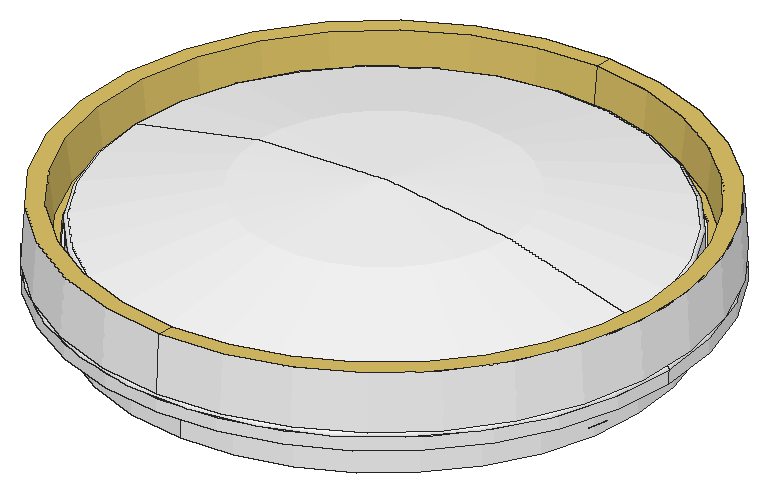
Revit family "AFX-Rana-LED_ Flush_Mount-1", category Lighting Fixtures, host Face, Revit 2021
Family settings
  Host = Face
  Round Connector Dimension = Use Diameter
  Part Type = Normal
  Cut with Voids When Loaded = No
  Light Source = Yes
  Shared = No
  Room Calculation Point = No
Parameters (values of type "Type Catalog")
  Wattage Comments = "15W"
  Wattage = 9.2903 W
  built-in parameter 1150110 = 1 (stored number, unit not read)
  Voltage = 120 V
  URL = "https://www.afxinc.com/"
  Type Comments = "Rana"  # constant formula
  built-in parameter 1114217 = 1 (stored number, unit not read)
  Tilt Angle = 90.00°
  built-in parameter 1150109 = 1 (stored number, unit not read)
  built-in parameter 1150134 = 3
  Sustainability = "https://lamprecycle.org/en/"
  built-in parameter 1150113 = 1 (stored number, unit not read)
  Revit File Built By = "https://servex-us.com/servex-revit/"
  Product Documentation Link = "Type Catalog"
  Photometric Web File = "RNAF16LAJD1BK_2700K.IES"
  built-in parameter 1150142 = "IESNA:LM-63-1995\r\n[TEST] \r\n[TESTLAB] LCTECH\r\n[TESTDATE] 2024-03-26\r\n[ISSUEDATE] 2024-03-26 17:31:21\r\n[NEARFIELD] \r\n[LAMPPOSITION] 0,0\r\n[OTHER] EVERFINE GO-2000B_V1 SYSTEM\r\n[MANUFAC] 革星\r\n[LUMCAT] 支架灯\r\n[LUMINAIRE] LED灯??\r\nTILT=NONE\r\n1 1108 1 37 13 1 2 -0.200 -0.200 0.000\r\n1.000 1 26\r\n0.0    5.0    10.0   15.0   20.0   25.0   30.0   35.0   40.0   45.0   \r\n 50.0   55.0   60.0   65.0   70.0   75.0   80.0   85.0   90.0   95.0   \r\n 100.0  105.0  110.0  115.0  120.0  125.0  130.0  135.0  140.0  145.0  \r\n 150.0  155.0  160.0  165.0  170.0  175.0  180.0  \r\n0.0    30.0   60.0   90.0   120.0  150.0  180.0  210.0  240.0  270.0  \r\n 300.0  330.0  360.0  \r\n332.89   332.50   330.65   326.79   319.92   308.81   294.79   278.66   260.34   239.92   \r\n 215.82   191.79   165.95   139.14   111.75   84.24    58.03    35.07    19.29    15.72    \r\n 16.30    16.54    16.36    16.82    17.33    17.80    18.31    18.79    19.08    19.21    \r\n 19.25    19.44    19.52    19.47    20.64    21.71    22.21    \r\n332.92   332.20   330.15   325.91   318.45   306.84   292.45   276.23   257.17   236.07   \r\n 213.01   188.35   162.14   135.05   106.59   79.28    53.52    31.55    17.05    15.18    \r\n 15.07    14.88    15.29    15.82    16.49    17.16    17.79    18.36    18.80    18.92    \r\n 18.92    18.84    18.60    18.20    20.16    21.40    22.21    \r\n332.71   331.77   329.71   324.94   316.53   304.52   289.81   272.61   253.00   230.03   \r\n 206.57   181.54   154.98   127.71   100.06   72.92    47.60    26.81    14.83    14.74    \r\n 14.75    14.49    14.74    15.23    15.84    16.54    17.22    17.61    17.85    17.96    \r\n 17.99    17.94    17.73    17.47    19.42    20.45    22.21    \r\n333.44   332.54   329.96   325.15   316.44   303.91   288.64   271.18   251.23   227.35   \r\n 203.59   178.00   151.05   123.52   95.68    68.41    43.06    23.15    14.03    14.36    \r\n 14.74    14.86    14.98    15.49    15.96    16.53    17.17    17.79    18.29    18.60    \r\n 18.86    19.14    19.34    19.45    21.48    22.60    22.21    \r\n332.84   331.82   329.03   323.29   313.18   300.02   284.16   265.64   245.11   222.33   \r\n 197.77   171.53   144.21   115.27   87.37    60.45    36.16    18.55    13.60    13.86    \r\n 13.36    13.51    14.08    14.75    15.49    16.24    16.90    17.51    17.95    18.16    \r\n 18.25    18.21    18.06    17.96    20.18    21.30    22.21    \r\n332.84   331.72   328.72   322.92   312.45   298.76   282.81   264.27   243.42   218.85   \r\n 194.36   167.98   140.52   112.74   84.69    57.99    33.96    17.32    13.58    13.79    \r\n 13.49    13.77    14.35    15.08    15.88    16.66    17.38    17.98    18.35    18.49    \r\n 18.45    18.26    17.91    17.65    20.49    21.51    22.21    \r\n332.89   331.56   328.52   322.43   311.81   298.09   282.02   263.28   242.32   219.29   \r\n 194.39   168.01   140.35   111.31   83.28    56.44    32.93    17.11    14.17    14.65    \r\n 15.13    15.32    15.63    16.26    16.85    17.43    17.88    18.31    18.49    18.54    \r\n 18.67    18.80    18.84    18.61    20.43    21.63    22.21    \r\n332.92   331.72   328.98   323.39   313.35   300.26   284.78   266.46   246.08   221.97   \r\n 197.97   172.10   144.94   117.03   88.94    61.87    37.46    20.09    14.94    15.31    \r\n 15.02    15.14    15.70    16.41    17.16    17.90    18.55    18.90    19.08    19.08    \r\n 18.95    18.81    18.47    18.10    19.74    20.57    22.21    \r\n332.71   331.65   329.29   324.11   314.94   302.50   287.59   270.14   250.42   228.42   \r\n 204.63   179.12   152.35   124.66   95.89    68.48    43.28    24.02    15.80    15.98    \r\n 15.54    15.72    16.22    16.85    17.57    18.24    18.85    19.42    19.78    19.85    \r\n 19.78    19.54    19.18    18.74    20.35    21.39    22.21    \r\n333.44   332.42   330.10   325.35   316.79   304.44   289.53   272.72   253.18   231.69   \r\n 208.33   183.29   156.91   129.52   100.84   73.46    47.89    27.53    16.87    17.27    \r\n 17.75    17.80    17.55    18.10    18.55    18.97    19.46    19.93    20.42    20.75    \r\n 20.88    21.02    21.15    21.11    21.95    22.85    22.21    \r\n332.84   332.28   330.14   326.14   318.29   306.92   292.90   276.47   257.80   236.24   \r\n 212.80   188.51   162.64   135.77   108.29   80.77    54.66    32.60    18.90    17.22    \r\n 17.25    16.90    17.11    17.54    18.09    18.67    19.27    19.87    20.47    20.84    \r\n 20.99    20.99    20.78    20.41    21.45    22.34    22.21    \r\n332.84   332.21   330.23   326.42   319.23   307.87   293.90   277.86   259.39   238.89   \r\n 216.35   192.03   166.22   139.43   111.05   83.66    57.32    34.56    19.52    16.67    \r\n 16.88    16.50    16.60    17.00    17.54    18.13    18.78    19.38    19.78    20.04    \r\n 20.11    20.03    19.86    19.52    20.67    21.19    22.21    \r\n332.89   332.50   330.65   326.79   319.92   308.81   294.79   278.66   260.34   239.92   \r\n 215.82   191.79   165.95   139.14   111.75   84.24    58.03    35.07    19.29    15.72    \r\n 16.30    16.54    16.36    16.82    17.33    17.80    18.31    18.79    19.08    19.21    \r\n 19.25    19.44    19.52    19.47    20.64    21.71    22.21    \r\n"
  Model = "Type Catalog"
  Manufacturer = "AFX Inc"  # constant formula
  built-in parameter 1150105 = 109.82 (stored number, unit not read)
  Lumens = 1380 lm
  built-in parameter 1150115 = 1 (stored number, unit not read)
  built-in parameter 1150137 = (empty or 0)
  built-in parameter 1150139 = (empty or 0)
  built-in parameter 1150112 = 1 (stored number, unit not read)
  built-in parameter 1150114 = 1 (stored number, unit not read)
  Lamp = ""
  Keynote = "12500"  # constant formula
  Interior Effect Finish = AFX - Gold
  built-in parameter 1150132 = (empty or 0)
  built-in parameter 1150102 = (empty or 0)
  built-in parameter 1150107 = 3200 (stored number, unit not read)
  built-in parameter 1150138 = (empty or 0)
  built-in parameter 1150106 = 1.0982 (stored number, unit not read)
  Emit from Circle Diameter = Diameter - 4"  # 11 1/2"
  Emit Shape Visible in Rendering = no
  built-in parameter 1150104 = 13.8 (stored number, unit not read)
  Dimming Lamp Color Temperature Shift = <None>
  Diffuser Finish = AFX - White Acrylic
  Diameter = 15 1/2"
  Description = "Type Catalog"
  Depth = 3"
  Default Elevation = 48"
  Colour Rendering Index = "90"
  Color Filter = 16777215
  Body Finish = AFX - White Steel
  built-in parameter 1114218 = 1 (stored number, unit not read)
  built-in parameter 1150133 = 10 (stored number, unit not read)
  Assembly Code = "D5020200"
  Apparent Load = 0 VA
Reference planes (in)
  plane 1 "Center (Front/Back)": y = 0.13952
  plane 2: z = 0
  plane 3 "Center (Left/Right)": x = 0
  plane 4: y = 7.88952
  plane 5: y = -7.61048
  plane 6: x = 7.75
  plane 7: x = -7.75
  plane 8: z = 1.55512
Forms (in)
  Revolve 1, solid
    sketch origin (0, 0, 0) x (0, 1, 0) y (0, 0, 1)
      loop
        line (7.05308, 1.8693) -> (7.81117, 1.8693) -> (7.83073, 1.55626) -> (7.88952, 1.55626) -> (7.80101, 2.97244) -> (7.36795, 2.97244) -> (7.24328, 1.92836) -> (7.05308, 1.92836) -> (7.05308, 1.8693)
      axis (0.13952, 2.97244) -> (0.13952, 1.55626)
    angle from 0 to 360
  Revolve 2, solid, material "AFX - White Steel" <- "Body Finish"
    sketch origin (0, 0, 0) x (0, 1, 0) y (0, 0, 1)
      loop
        arc (7.08128, 0.68983) -> (7.15959, 0.76814) -> (7.08128, 0.84646) r 0.07831
        line (7.08128, 0.84646) -> (0.13952, 0.84646) -> (0.13952, 0.10057) -> (6.05109, 0.10057) -> (6.29494, 0) -> (6.63495, 0) -> (6.78861, 0.11811) -> (7.08128, 0.11811) -> (7.08128, 0.68983)
      axis (0.13952, 0.84646) -> (0.13952, 0)
    angle from 0 to 360
Lines and regions (in)
  symbolic lines
    curve 1: arc (0, -7.08891, 0) -> (-7.22843, 0.13952, 0) -> (0, 7.36795, 0) r 7.22843
    curve 2: arc (0, 7.36795, 0) -> (7.22843, 0.13952, 0) -> (0, -7.08891, 0) r 7.22843
    curve 3: arc (0, -6.50957, 0) -> (-6.64909, 0.13952, 0) -> (0, 6.78861, 0) r 6.64909
    curve 4: arc (0, 6.78861, 0) -> (6.64909, 0.13952, 0) -> (0, -6.50957, 0) r 6.64909
    curve 5: arc (0, -7.61048, 0) -> (-7.75, 0.13952, 0) -> (0, 7.88952, 0) r 7.75
    curve 6: arc (0, 7.88952, 0) -> (7.75, 0.13952, 0) -> (0, -7.61048, 0) r 7.75
Dimensions and locks (in)
  equal spacing: plane 7, plane 3 "Center (Left/Right)", plane 6
  "Diameter": plane 7 to plane 6
  equal spacing: plane 4, plane 1 "Center (Front/Back)", plane 5
  "Diameter": plane 5 to plane 4
  plane 4 to Revolve 1 sketch curve to Revolve 1 sketch curve to Revolve 1 sketch curve to Revolve 1 sketch curve to Revolve 1 sketch curve = 0.05879" locked, 0.01957" locked, 0.01016" locked, 0.43306" locked, 0.31487" locked
  plane 2 to Revolve 1 sketch curve to Revolve 1 sketch curve to Revolve 1 sketch curve to Revolve 1 sketch curve = 1.55626" locked, 0.31304" locked, 0.05906" locked, 1.04408" locked
  plane 4 to Revolve 2 sketch curve to Revolve 2 sketch curve to Revolve 2 sketch curve to Revolve 2 sketch curve to Revolve 2 sketch curve to Revolve 2 sketch curve = 0.80824" locked, 0" locked, 0.29267" locked, 0.15365" locked, 0.34001" locked, 0.24385" locked
  locked: plane 8 to plane 2 at 1.55512
  aligned and locked: host face to plane 2
  aligned and locked: level to host face
  aligned and locked: imposter light to plane 3 "Center (Left/Right)"
  aligned and locked: plane 1 "Center (Front/Back)" to imposter light
  aligned and locked: Revolve 1 sketch curve to imposter light
  aligned and locked: plane 4 to Revolve 1 sketch curve
  aligned and locked: Revolve 2 sketch curve to plane 1 "Center (Front/Back)"
  aligned and locked: plane 1 "Center (Front/Back)" to Revolve 2 sketch curve
  aligned and locked: imposter light to plane 8
  aligned and locked: curve 1 to Revolve 1
  aligned and locked: curve 2 to Revolve 1
  aligned and locked: curve 3 to Revolve 2
  aligned and locked: curve 4 to Revolve 2
  aligned and locked: curve 5 to Revolve 1
  aligned and locked: curve 6 to Revolve 1
Automatic sketch dimensions
  host sketch curve to host sketch curve = 96"  (x2)
  Revolve 1 sketch curve to Revolve 1 sketch curve = 0.19019"
  Revolve 1 sketch curve to level = 2"
  level to Revolve 1 sketch curve = 4 1/2"
  Revolve 2 sketch curve to level = 0"
  level to Revolve 2 sketch curve = 0.10057"
  level to Revolve 2 sketch curve = 0.11811"
  Revolve 2 sketch curve to Revolve 2 sketch curve = 0.57172"
  Revolve 2 sketch curve to Revolve 2 sketch curve = 0.07831"
  Revolve 2 sketch curve to level = 2 3/4"
  Revolve 2 sketch curve to Revolve 2 sketch curve = 4.65354"
Nested families (in)
  nested 1: "Body & Screen" at (0, 0.13952, 0.04724), Diameter <- "Diameter", Diffuser Finish <- "Diffuser Finish", type "Lamp"
    with Diffuser Finish AFX - White Acrylic, Diameter 15 1/2", D-19 no, D-15 yes
Connectors (in)
  electrical at (0, 0.13952, 0), driven by "Voltage", driven by "Apparent Load"
    settings: on Revolve 2, index 1, voltage 120 V, apparent load 0 VA, apparent load phase1 0 VA, apparent load phase2 0 VA, apparent load phase3 0 VA, power factor 1, load classification "Lighting", number of poles 1, system type 31, power factor state 1, is connector primary yes, connector utility no, sub classification motor no, connector description ""
Definition of nested family "Body & Screen"
  Parameters (values of type "Lamp")
    Revit Model Built By = "https://servex-us.com/servex-revit/"
    Diffuser Finish [instance] = none
    Diameter [instance] = 19"
    Default Elevation = 0"
    D-19 [instance] = and(Diameter = 19")  # yes
    D-15 [instance] = and(Diameter = 15 1/2")  # no
  Reference planes (in)
    plane 1 "Center (Front/Back)": y = 0
    plane 2: z = 0
    plane 3 "Center (Left/Right)": x = 0
  Forms (in)
    Revolve 1, solid, material <- "Diffuser Finish", visible <- "D-15"
      sketch origin (0, 0, 0) x (1, 0, 0) y (0, 0, 1)
        loop
          arc (7.67932, 1.70413) -> (7.64455, 1.78807) -> (7.56061, 1.82283) r 0.1187
          line (7.56061, 1.82283) -> (6.83163, 1.82283) -> (6.83163, 2.19841)
          arc (6.83163, 2.19841) -> (6.80746, 2.27228) -> (6.74432, 2.31759) r 0.125
          arc (6.74432, 2.31759) -> (3.41209, 3.0968) -> (0, 3.35858) r 22.36799
          line (0, 3.35858) -> (0, 0.79921) -> (7.20854, 0.79921) -> (7.75, 1.0633) -> (7.75, 1.39654)
          arc (7.75, 1.39654) -> (7.73084, 1.46248) -> (7.67932, 1.50787) r 0.12303
          line (7.67932, 1.50787) -> (7.67932, 1.70413)
        axis (0, 3.35858) -> (0, 0.79921)
      angle from 0 to 360
    Revolve 2, solid, material <- "Diffuser Finish", visible <- "D-19"
      sketch origin (0, 0, 0) x (1, 0, 0) y (0, 0, 1)
        loop
          arc (9.42932, 1.70413) -> (9.39455, 1.78807) -> (9.31061, 1.82283) r 0.1187
          line (9.31061, 1.82283) -> (8.58163, 1.82283) -> (8.58163, 2.19867)
          arc (8.58163, 2.19867) -> (8.5551, 2.27566) -> (8.48677, 2.31998) r 0.125
          arc (8.48677, 2.31998) -> (4.27504, 3.09796) -> (0, 3.35858) r 35.19353
          line (0, 3.35858) -> (0, 0.79921) -> (8.95854, 0.79921) -> (9.5, 1.0633) -> (9.5, 1.39654)
          arc (9.5, 1.39654) -> (9.48084, 1.46248) -> (9.42932, 1.50787) r 0.12303
          line (9.42932, 1.50787) -> (9.42932, 1.70413)
        axis (0, 3.35858) -> (0, 0.79921)
      angle from 0 to 360
  Dimensions and locks (in)
    aligned and locked: plane 2 to level
